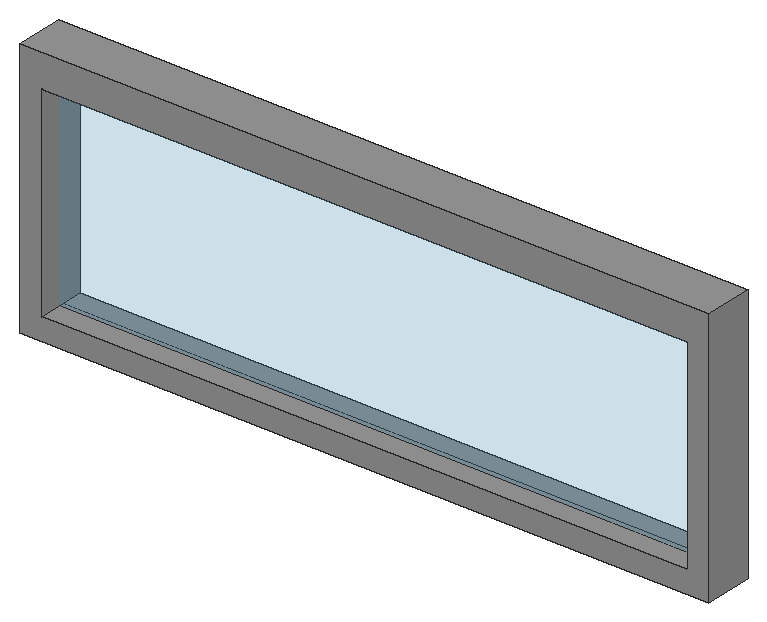
Revit family "Window W1", category Windows, host Wall, Revit 2025
Family settings
  Host = Wall
  OmniClass Number = 23.30.20.00
  OmniClass Title = Windows
  Always vertical = Yes
  Cut with Voids When Loaded = No
  Shared = No
  Room Calculation Point = No
Parameters (values of type "W1")
  Rough Width = 0' - 4 1/2"
  Height = 4' - 0"
  Glass Width = 0' - 0 1/2"
  Glass Material = Glass
  Frame Size = 0' - 2"
  Frame Material = Laminate, Black
  Define Thermal Properties by = Schematic Type
  Default Sill Height = 6' - 0"
  Wall Closure = By host
  Width = 5' - 4"
  Analytic Construction = "<None>"
Reference planes (in)
  plane 1 "Center (Front/Back)": y = 0
  plane 2: z = 0
  plane 3 "Center (Left/Right)": x = 0
  plane 4 "Sill": z = 72
  plane 5: y = 2.25
  plane 6: y = -2.25
  plane 7: y = 0.25
  plane 8: y = -0.25
Forms (in)
  Extrusion 1, solid, material "Laminate, Black" <- "Frame Material"
    sketch origin (0, 0, 0) x (1, 0, 0) y (0, 0, 1)
      loop
        line (32, 96) -> (-32, 96) -> (-32, 72) -> (32, 72) -> (32, 96)
      loop
        line (-30, 93) -> (-30, 74) -> (30, 74) -> (30, 93) -> (-30, 93)
    from -2.25 to 2.25
  Extrusion 2, solid, material "Glass" <- "Glass Material"
    sketch origin (0, 0, 0) x (1, 0, 0) y (0, 0, 1)
      loop
        line (30, 93) -> (-30, 93) -> (-30, 74) -> (30, 74) -> (30, 93)
    from -0.25 to 0.25
Lines and regions (in)
  Opening 1
    outline origin (-60, -7, 0) x (1, 0, 0) y (0, 0, 1)
      loop
        line (28, 96) -> (28, 72) -> (92, 72) -> (92, 96) -> (28, 96)
Text (in)
  text "EXTERIOR" at (-58.6888, 50.90694, 0), in view "Ref. Level"
  text "INTERIOR" at (-58.6888, -37.76638, 0), in view "Ref. Level"
  text "Exterior" at (0, 43.65631, 123.19604), in view "Left"
  text "Exterior" at (0, 18.29385, 125.04747), in view "Right"
Dimensions and locks (in)
  "Default Sill Height": plane 2 to plane 4 "Sill"
  equal spacing: Extrusion 1 sketch curve, plane 3 "Center (Left/Right)", Extrusion 1 sketch curve
  "Width": Extrusion 1 sketch curve to Extrusion 1 sketch curve
  "Frame Size": Extrusion 1 sketch curve to Extrusion 1 sketch curve  (x2)
  "Frame Size": plane 4 "Sill" to Extrusion 1 sketch curve
  Extrusion 1 sketch curve to Extrusion 1 sketch curve = 1' - 7"
  Extrusion 1 sketch curve to Extrusion 1 sketch curve = 0' - 3"
  plane 2 to Extrusion 1 = 8' - 0"
  equal spacing: host wall, plane 1 "Center (Front/Back)", host wall
  equal spacing: plane 5, plane 1 "Center (Front/Back)", plane 6
  "Rough Width": plane 5 to plane 6
  equal spacing: plane 7, plane 1 "Center (Front/Back)", plane 8
  "Glass Width": plane 7 to plane 8
  aligned and locked: plane 4 "Sill" to Opening 1 sketch curve  (x2)
  aligned and locked: level to plane 2
  aligned and locked: Extrusion 1 sketch curve to plane 4 "Sill"
  aligned and locked: Opening 1 sketch curve to Extrusion 1  (x3)
  aligned and locked: Extrusion 1 to plane 6
  aligned and locked: plane 5 to Extrusion 1
  aligned and locked: Extrusion 1 to Extrusion 2 sketch curve
  aligned and locked: Extrusion 2 sketch curve to Extrusion 1  (x3)
  aligned and locked: plane 7 to Extrusion 2
  aligned and locked: Extrusion 2 to plane 8
